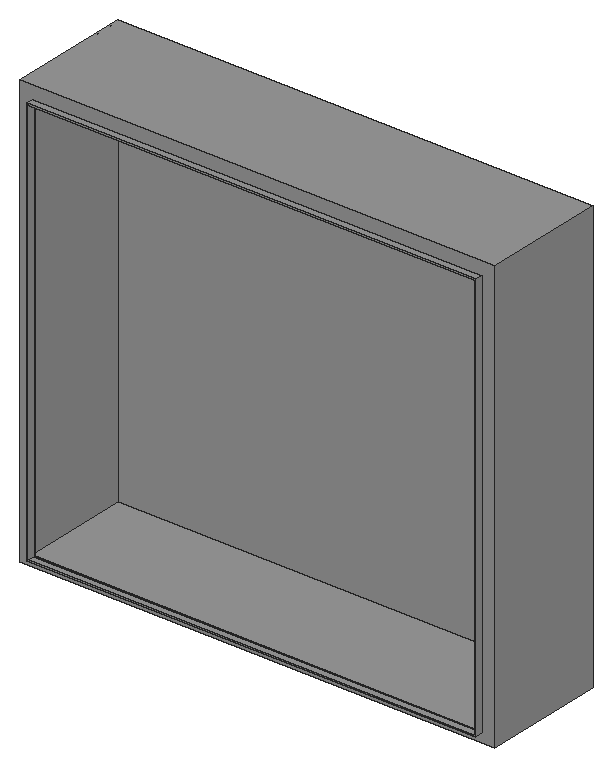
Revit family "Hager-Univers-IP30-D160-Cl.II-FWB-encl--NoHosted-AT-de", category Equipement électrique, Revit 2020
Family settings
  Configuration du panneau = Deux colonnes, circuits au sein
  Cote de connecteur circulaire = Utiliser le diamètre
  Type d'élément = Tableau de raccordement
  Basée sur le plan de construction = Oui
  Toujours verticalement = Oui
  Couper avec des vides une fois chargée = Non
  Partagée = Non
  Point de calcul de pièce = Non
Parameters (values of type "Aufputz IP30 B550 H500 T160  - FWQ32D1")
  Width Control [instance] = if([EF000008 - Breite] > Min Width, [EF000008 - Breite], Min Width)  # 550 mm
  Commentaires du type = [HG000003 - Bereich]  # "Univers"
  Thickness Door [instance] = if([EF009171 - Materialstärke Tür/Deckel] > 3 mm, 3 mm, [EF009171 - Materialstärke Tür/Deckel])  # 1 mm
  Seal Frame Offset [instance] = 17 mm  # constant formula
  Plinth Visibility [instance] = [HG000027 - Sockelhöhe] > 0 mm  # no
  Min Width [instance] = 100 mm  # constant formula
  Min Depth [instance] = (2 * [EF009170 - Materialstärke Gehäuse]) + 1 mm  # 3 mm
  Min Height [instance] = 100 mm  # constant formula
  Internal Frame Depth [instance] = (Door System Depth * 0.5)  # 9 mm
  Panel Name [instance] = ""  # (empty or 0)
  Model = ""
  HG000027 - Sockelhöhe = 0 mm
  HG000026 - Stehend auf dem Boden = no
  HG000024 - Höhe des unteren Teils = 600 mm
  HG000023 - Gehäuse mit doppeltem Querschnitt = no
  HG000016 - 3D-Türsichtbarkeit [instance] = yes
  HG000015 - Sichtbarkeit der Türöffnung [instance] = no
  HG000014 - Tür rechts [instance] = yes
  HG000013 - Tür links [instance] = not([HG000014 - Tür rechts])  # no
  HG000012 - Türschwenkwinkel [instance] = 30.00°
  HG000010 - Asymmetrische Türen = no
  HG000009 - Doppelflügeligen Tür = no
  HG000006 - Unterputz = no
  HG000004 - Herstellerreferenz = "FWQ32D1"
  HG000003 - Bereich = "Univers"
  HG000002 - Mit tür = no
  Frame Offset Bottom [instance] = 10 mm  # constant formula
  Frame Offset [instance] = 15 mm  # constant formula
  EF015940 - Deckel mit Überdruckentlastung = no
  EF011959 - Schutzart (NEMA) = ""
  EF009554 - Anzahl der Öffnungen für Flanschplatten = 4
  EF009212 - Ausführung Deckel = "EV009916 - mit Ausschnitt"
  EF009171 - Materialstärke Tür/Deckel = 1 mm
  EF009170 - Materialstärke Gehäuse = 1 mm
  EF008873 - Nennstrom (In) = 125 A
  EF007800 - Geeignet für Blitzschutz = no
  EF006306 - Mit Schloss = no
  EF006244 - Transparenter Deckel/Tür = no
  EF005474 - Schutzart (IP) = "EV006410 - IP30"
  EF004464 - Art der Tür = "EV002646 - Einzel"
  EF004427 - Anzahl der Module = 72
  EF004293 - Schlagfestigkeit = ""
  EF003532 - Geeignet für Außengebrauch = no
  EF002950 - Breite in Teilungseinheiten = 24
  EF001613 - Funktionserhalt = "EV000494 - ohne"
  EF001596 - Werkstoff des Gehäuses = "EV000179 - Stahl"
  EF001131 - Innentiefe = 160 mm
  EF001088 - Anbaumöglichkeit = yes
  EF000437 - Anzahl der Leitungseinführungen = 8
  EF000339 - Art der Abdeckung = "EV001012 - Deckel"
  EF000266 - Anzahl der Reihen = 6
  EF000218 - Einbautiefe = 0 mm
  EF000118 - Mit Montageplatte = yes
  EF000116 - RAL-Nummer = "9010"
  EF000049 - Tiefe = 160 mm
  EF000040 - Höhe = 500 mm
  EF000008 - Breite = 550 mm
  EF000007 - Farbe = "EV000202 - weiß"
  EF000003 - Montageart = "EV000384 - Aufputz"
  Door System Leaf Tolerance [instance] = 1.5 mm  # constant formula
  Door System Depth [instance] = 18 mm  # constant formula
  Door Height [instance] = Height Control - [HG000027 - Sockelhöhe]  # 500 mm
  Description = ""
  Default Elevation = 1219.2 mm
  Connector Offset [instance] = Height Control / 2  # 250 mm
  Fabricant = "Hager"  # constant formula
  Height Control [instance] = if([EF000040 - Höhe] > Min Height, [EF000040 - Höhe], Min Height)  # 500 mm
  Depth Control [instance] = if([EF000049 - Tiefe] > Min Depth, [EF000049 - Tiefe], Min Depth)  # 160 mm
  Bottom Top Plate Trim [instance] = 1.5 mm  # constant formula
  Plinth height Ctrl [instance] = if([HG000027 - Sockelhöhe] > 0 mm, [HG000027 - Sockelhöhe], 12 mm)  # 12 mm
Types (2, lengths in mm): name | Width Control | Thickness Door | Min Depth | HG000004 - Herstellerreferenz | EF009554 - Anzahl der Öffnungen für Flanschplatten | EF009171 - Materialstärke Tür/Deckel | EF009170 - Materialstärke Gehäuse | EF004427 - Anzahl der Module | EF002950 - Breite in Teilungseinheiten | EF000437 - Anzahl der Leitungseinführungen | EF000266 - Anzahl der Reihen | EF000008 - Breite
  Aufputz IP30 B300 H500 T160  - FWQ31D1 | 300 | 2 | 5 | "FWQ31D1" | 2 | 2 | 2 | 36 | 12 | 4 | 3 | 300
  Aufputz IP30 B550 H500 T160  - FWQ32D1 | 550 | 1 | 3 | "FWQ32D1" | 4 | 1 | 1 | 72 | 24 | 8 | 6 | 550
Reference planes
  plane 1 "Center (Front/Back)": y = 0
  plane 2: z = 0
  plane 3 "Center (Left/Right)": x = 0
  plane 4: y = 0
  plane 5: y = 0
  plane 6: z = 0
  plane 7: x = -275
  plane 8: x = 275
  plane 9: x = 274
  plane 10: x = -274
  plane 11: z = 0
  plane 12: z = 1
  plane 13: y = -160
  plane 14: y = -1
  plane 15: x = 0
  plane 16: y = -142
  plane 17: y = -159
  plane 18: y = -141
  plane 19: x = -259
  plane 20: x = 259
  plane 21: z = 11
  plane 22: x = -258
  plane 23: x = 258
  plane 24: z = 0
  plane 25: z = 500
  plane 26: z = 500
  plane 27: z = 484
  plane 28: z = 499
Forms (mm)
  Extrusion 1, solid, material "Hager_Steel_RAL7035_Light_Grey", detail levels medium+fine
    sketch origin (-208.679, -4572, 0) x (-1, 0, 0) y (0, -1, 0)
      loop
        line (66.321, -4430) -> (-483.679, -4430) -> (-483.679, -4572) -> (66.321, -4572) -> (66.321, -4430)
    from 0 to 500
  Extrusion 2, void
    sketch origin (-350.771, -160, 1219.2) x (1, 0, 0) y (0, 0, 1)
      loop
        line (76.771, -720.2) -> (76.771, -1218.2) -> (624.771, -1218.2) -> (624.771, -720.2) -> (76.771, -720.2)
    from -19 to -159
  Extrusion 3, void
    sketch origin (-290.084, -142, 1219.2) x (1, 0, 0) y (0, 0, 1)
      loop
        line (31.084, -1208.2) -> (549.084, -1208.2) -> (549.084, -735.2) -> (31.084, -735.2) -> (31.084, -1208.2)
    from 0 to -1
  Extrusion 4, solid, material "Hager_Steel_RAL7035_Light_Grey", visible <- "Plinth Visibility", detail levels medium+fine
    sketch origin (0, 0, 0) x (1, 0, 0) y (0, 1, 0)
      loop
        line (-275, 0) -> (-275, -142) -> (275, -142) -> (275, 0) -> (-275, 0)
    from 0 to 12 <- "Plinth height Ctrl"
  Extrusion 5, solid, material "Hager_Steel_RAL7035_Light_Grey", detail levels coarse
    sketch origin (0, 0, 0) x (1, 0, 0) y (0, 1, 0)
      loop
        line (-275, 0) -> (-275, -160) -> (275, -160) -> (275, 0) -> (-275, 0)
    from 0 to 500 <- "Height Control"
  Sweep 6, void
    path in 3D
      loop
        line (-275, -142, 12) -> (275, -142, 12) -> (275, 0, 12) -> (-275, 0, 12) -> (-275, -142, 12)
    profile origin (-275, -71, 12) x (1, 0, 0) y (0, 0, 1)
      loop
        line (0, 0) -> (0, -1.5) -> (1.5, -1.5)
        arc (1.5, -1.5) -> (1.061, -0.439) -> (0, 0) r 1.5
  Extrusion 7, solid, material "Hager_Steel_RAL7035_Light_Grey", detail levels fine
    sketch origin (-275, -142, 0) x (1, 0, 0) y (0, 0, 1)
      loop
        line (16, 11) -> (534, 11) -> (534, 484) -> (16, 484) -> (16, 11)
      loop
        line (15, 10) -> (535, 10) -> (535, 485) -> (15, 485) -> (15, 10)
    from 0 to 9 <- "Internal Frame Depth"
Cuts and joins
  Extrusion 2, Extrusion 3 cuts Extrusion 1
  Sweep 6 cuts Extrusion 4
Lines and regions (mm)
  Masking region 1
    outline origin (0, 0, 0) x (1, 0, 0) y (0, 1, 0)
      loop
        line (-275, 0) -> (-275, -160) -> (275, -160) -> (275, 0) -> (-275, 0)
  Masking region 2, detail levels coarse
    outline origin (-290.084, -142, 1219.2) x (-1, 0, 0) y (0, 0, 1)
      loop
        line (-565.084, -1219.2) -> (-15.084, -1219.2) -> (-15.084, -719.2) -> (-565.084, -719.2) -> (-565.084, -1219.2)
  Masking region 3, detail levels coarse
    outline origin (0, 0, 0) x (0, 1, 0) y (0, 0, 1)
      loop
        line (0, 0) -> (0, 500) -> (-160, 500) -> (-160, 0) -> (0, 0)
  Masking region 4, visible <- "Plinth Visibility", detail levels medium+fine
    outline origin (0, 0, 0) x (0, 1, 0) y (0, 0, 1)
      loop
        line (-1.5, 12) -> (-140.5, 12)
        arc (-140.5, 12) -> (-140.939, 10.939) -> (-142, 10.5) r 1.5
        line (-142, 10.5) -> (-142, 0) -> (0, 0) -> (0, 10.5)
        arc (0, 10.5) -> (-1.061, 10.939) -> (-1.5, 12) r 1.5
  Masking region 5, detail levels medium+fine
    outline origin (0, 0, 594.038) x (0, 1, 0) y (0, 0, 1)
      loop
        line (0, -594.038) -> (0, -94.038) -> (-142, -94.038) -> (-142, -594.038) -> (0, -594.038)
  Masking region 6, detail levels medium+fine
    outline origin (-359.7, -142, 1211.883) x (-1, 0, 0) y (0, 0, 1)
      loop
        line (-634.7, -1211.883) -> (-84.7, -1211.883) -> (-84.7, -711.883) -> (-634.7, -711.883) -> (-634.7, -1211.883)
  Masking region 7, visible <- "Plinth Visibility", detail levels medium+fine
    outline origin (-320.334, -142, 1041.368) x (-1, 0, 0) y (0, 0, 1)
      loop
        line (-595.334, -1041.368) -> (-45.334, -1041.368) -> (-45.334, -1030.868)
        arc (-45.334, -1030.868) -> (-46.394, -1030.429) -> (-46.834, -1029.368) r 1.5
        line (-46.834, -1029.368) -> (-593.834, -1029.368)
        arc (-593.834, -1029.368) -> (-594.273, -1030.429) -> (-595.334, -1030.868) r 1.5
        line (-595.334, -1030.868) -> (-595.334, -1041.368)
  sketch lines
    curve 1: line (-275, 0, 12) -> (-275, -142, 12)
    curve 2: line (-275, -142, 12) -> (275, -142, 12)
    curve 3: line (275, 0, 12) -> (-275, 0, 12)
    curve 4: line (275, -142, 12) -> (275, 0, 12)
Dimensions and locks
  locked: plane 1 "Center (Front/Back)" to plane 5
  "EF009170 - Materialstärke Gehäuse": plane 7 to plane 10
  "EF009170 - Materialstärke Gehäuse": plane 8 to plane 9
  equal spacing: plane 7, plane 3 "Center (Left/Right)", plane 8
  "Width Control": plane 7 to plane 8
  "Depth Control": plane 4 to plane 13
  "EF009170 - Materialstärke Gehäuse": plane 4 to plane 14
  "Height Control": plane 25 to level
  "HG000027 - Sockelhöhe": plane 11 to level
  "EF009170 - Materialstärke Gehäuse": plane 12 to plane 11
  "EF009170 - Materialstärke Gehäuse": plane 17 to plane 13
  "EF009170 - Materialstärke Gehäuse": plane 18 to plane 16
  "Frame Offset Bottom": plane 21 to plane 12
  "Frame Offset": plane 10 to plane 19
  "Frame Offset": plane 9 to plane 20
  "Door System Depth": plane 16 to plane 13
  "Seal Frame Offset": plane 7 to plane 22
  "Seal Frame Offset": plane 8 to plane 23
  "EF009170 - Materialstärke Gehäuse": plane 26 to plane 28
  "Frame Offset": plane 28 to plane 27
  "Connector Offset": plane 2 to connector elem
  "Bottom Top Plate Trim": profile plane to Sweep 6 sketch curve
  "Bottom Top Plate Trim": Sweep 6 sketch curve to Sweep 6 sketch curve
  "Plinth height Ctrl": Masking region 4 sketch curve to level
  "Plinth height Ctrl": Masking region 7 sketch curve to level
  "Thickness Door": Extrusion 7 sketch curve to Extrusion 7 sketch curve  (x4)
  "Bottom Top Plate Trim": radius of Sweep 6 sketch curve
  "Bottom Top Plate Trim": radius of Masking region 4 sketch curve  (x2)
  "Bottom Top Plate Trim": radius of Masking region 7 sketch curve  (x2)
  aligned and locked: Extrusion 2 sketch curve to plane 12
  aligned and locked: Extrusion 2 sketch curve to plane 9
  aligned and locked: Extrusion 2 sketch curve to plane 10
  aligned and locked: plane 14 to Extrusion 2
  aligned and locked: plane 4 to Extrusion 1 sketch curve
  aligned and locked: plane 8 to Extrusion 1 sketch curve
  aligned and locked: plane 7 to Extrusion 1 sketch curve
  aligned and locked: Extrusion 2 to plane 18
  aligned and locked: plane 19 to Extrusion 3 sketch curve
  aligned and locked: plane 20 to Extrusion 3 sketch curve
  aligned and locked: Extrusion 3 to Extrusion 2
  aligned and locked: Extrusion 3 sketch curve to plane 21
  aligned and locked: plane 3 "Center (Left/Right)" to nested 1
  aligned and locked: Extrusion 1 sketch curve to plane 16
  aligned and locked: Extrusion 4 sketch curve to cut or joined group of Extrusion 1, Extrusion 2, Extrusion 3
  aligned and locked: Masking region 1 sketch curve to plane 7
  aligned and locked: Masking region 1 sketch curve to plane 5
  aligned and locked: Masking region 1 sketch curve to plane 8
  aligned and locked: Masking region 2 sketch curve to level
  aligned and locked: level to Masking region 3 sketch curve
  aligned and locked: plane 1 "Center (Front/Back)" to Masking region 3 sketch curve
  aligned and locked: plane 13 to Masking region 3 sketch curve
  aligned and locked: plane 5 to Masking region 4 sketch curve
  aligned and locked: Masking region 2 sketch curve to plane 8
  aligned and locked: Masking region 2 sketch curve to plane 7
  aligned and locked: plane 7 to nested 2
  aligned and locked: nested 2 to plane 5
  aligned and locked: plane 5 to Masking region 5 sketch curve
  aligned and locked: plane 26 to Masking region 5 sketch curve
  aligned and locked: Extrusion 5 sketch curve to plane 8
  aligned and locked: Extrusion 5 sketch curve to plane 7
  aligned and locked: Extrusion 5 sketch curve to plane 5
  aligned and locked: Extrusion 3 sketch curve to plane 27
  aligned and locked: Extrusion 2 sketch curve to plane 28
  aligned and locked: Masking region 2 to plane 25
  aligned and locked: Extrusion 4 to plane 16
  aligned and locked: profile plane to Sweep 6 sketch curve
  aligned and locked: Masking region 5 sketch curve to plane 24
  aligned and locked: level to Masking region 4 sketch curve
  aligned and locked: Masking region 1 to plane 13
  aligned and locked: nested 1 to plane 16
  aligned and locked: Masking region 3 to plane 25
  aligned and locked: plane 16 to Masking region 4 sketch curve
  aligned and locked: Masking region 5 sketch curve to plane 16
  aligned and locked: plane 24 to plane 11
  aligned and locked: plane 26 to plane 25
  aligned and locked: plane 26 to cut or joined group of Extrusion 1, Extrusion 2, Extrusion 3
  aligned and locked: nested 1 to plane 24
  aligned and locked: Extrusion 1 to Extrusion 3
  aligned and locked: Masking region 6 sketch curve to plane 8
  aligned and locked: Masking region 6 sketch curve to plane 24
  aligned and locked: Masking region 6 sketch curve to plane 7
  aligned and locked: Masking region 6 sketch curve to plane 26
  aligned and locked: Masking region 7 sketch curve to plane 7
  aligned and locked: level to Masking region 7 sketch curve
  aligned and locked: Masking region 7 sketch curve to plane 8
  aligned and locked: Extrusion 7 sketch curve to cut or joined group of Extrusion 1, Extrusion 2, Extrusion 3  (x4)
Automatic sketch dimensions
  plane 19 to Extrusion 3 sketch curve = 0 mm
  Extrusion 3 sketch curve to plane 20 = 0 mm
  Extrusion 3 sketch curve to plane 21 = 0 mm
  Extrusion 4 sketch curve to plane 7 = 0 mm
  Extrusion 4 sketch curve to plane 8 = 0 mm
  Extrusion 4 sketch curve to plane 16 = 0 mm
  Masking region 1 sketch curve to plane 13 = 0 mm
  Masking region 2 sketch curve to plane 25 = 0 mm
  Masking region 3 sketch curve to plane 25 = 0 mm
  Extrusion 5 sketch curve to plane 13 = 0 mm
  profile plane to Sweep 6 sketch curve = 0 mm
Nested families
  nested 1: "EC000058_Univers_Door" at (0, -142, 0), Double <- "HG000009 - Doppelflügeligen Tür", Transparent <- "EF006244 - Transparenter Deckel/Tür", Angle <- "HG000012 - Türschwenkwinkel", Door_Right <- "HG000014 - Tür rechts", Assymetrical <- "HG000010 - Asymmetrische Türen", Door <- "HG000002 - Mit tür", Width_Ctrl <- "Width Control", 3d_Door <- "HG000016 - 3D-Türsichtbarkeit", Clearance <- "HG000015 - Sichtbarkeit der Türöffnung", Door_Left <- "HG000013 - Tür links", Width <- "Width Control", Door_Depth <- "Door System Depth", Leaf_Tolerance <- "Door System Leaf Tolerance", Height <- "Door Height", Lock_Visibility <- "EF006306 - Mit Schloss", Thickness <- "Thickness Door", type "EC000058_Univers_Door", detail levels medium+fine
    with min_wh 3 mm, Width_Ctrl 550 mm, Width 550 mm, Transparent no, Thickness 1 mm, Seal_Material Hager_Rubber, Lock_Visibility no, Lock_Material Hager_Plastic_RAL9005_Jet_Black, Leaf_Width 550 mm, Leaf_Tolerance_External_Sides 0 mm, Leaf_Tolerance 1.5 mm, Leaf_Offset 0 mm, Leaf_Height 497 mm, Leaf_2_Width 550 mm, Leaf_2_Offset 275 mm, Leaf_1_Width 550 mm, Leaf_1_Offset 275 mm, Height_Ctrl 500 mm, Height 500 mm, Glass_Material Hager_Glass, Double_Clearance_Ctrl no, Double no, Door_Right_Ctrl no, Door_Right yes, Door_Material Hager_Steel_RAL7035_Light_Grey, Door_Left_Ctrl no, Door_Left no, Door_Depth 18 mm, Door no, Clearance_Material Hager_Clearance, Clearance_Depth 550 mm, Clearance_Ctrl no, Clearance no, Assymetrical no, Angle 30.00°, 3d_Door yes
  nested 2: "Hager_Enclosure_Symbol" at (-275, 0, 0), Height <- "Depth Control", Width <- "Width Control", type "Hager_Enclosure_Symbol"
    with Width_Ctrl 550 mm, Width 550 mm, Height_Ctrl 160 mm, Height 160 mm, A_Width_Int 10.5 mm, A_Width 126 mm, A_Height_Ctrl 140 mm, A_Height 140 mm
Connectors
  electrical at (0, 0, 250)
    settings: on plane 1 "Center (Front/Back)", index 1, voltage 0 V, apparent load 0 VA, apparent load phase1 0 VA, apparent load phase2 0 VA, apparent load phase3 0 VA, power factor 1, load classification "Other", number of poles 1, system type 30, power factor state 1, is connector primary yes, connector utility no, sub classification motor no, connector description ""
Definition of nested family "EC000058_Univers_Door"
  Parameters (values of type "EC000058_Univers_Door")
    min_wh [instance] = (2 * Thickness) + 1 mm  # 11 mm
    Width_Ctrl [instance] = 400 mm
    Width [instance] = 500 mm
    Transparent [instance] = yes
    Thickness [instance] = 5 mm
    Seal_Material [instance] = none
    Lock_Visibility [instance] = yes
    Lock_Material [instance] = none
    Leaf_Width [instance] = if((Width_Ctrl - 2 * Leaf_Tolerance_External_Sides) > 0 mm, (Width_Ctrl - 2 * Leaf_Tolerance_External_Sides), min_wh)  # 400 mm
    Leaf_Tolerance_External_Sides [instance] = 0 mm  # constant formula
    Leaf_Tolerance [instance] = 1.5 mm
    Leaf_Offset [instance] = 0 mm  # constant formula
    Leaf_Height [instance] = if((Height_Ctrl - 2 * Leaf_Tolerance) > 0 mm, (Height_Ctrl - 2 * Leaf_Tolerance), min_wh)  # 497 mm
    Leaf_2_Width [instance] = if(and(and(Double, Assymetrical), Door_Left), (Leaf_Width / 3) - (Leaf_Tolerance / 2), if(and(and(Double, Assymetrical), Door_Right), (Leaf_Width / 3) * 2 - (Leaf_Tolerance / 2), if(and(Double, not(Assymetrical)), (Leaf_Width / 2) - Leaf_Tolerance, Leaf_Width)))  # 400 mm
    Leaf_2_Offset [instance] = if(and(Double, Assymetrical), Leaf_2_Width / 2, if(and(Double, not(Assymetrical)), Leaf_Width / 4, Leaf_Width / 2))  # 200 mm
    Leaf_1_Width [instance] = if(and(and(Double, Assymetrical), Door_Right), (Leaf_Width / 3) - (Leaf_Tolerance / 2), if(and(and(Double, Assymetrical), Door_Left), (Width / 3) * 2 - (Leaf_Tolerance / 2), if(and(Double, not(Assymetrical)), (Leaf_Width / 2) - Leaf_Tolerance, Leaf_Width)))  # 400 mm
    Leaf_1_Offset [instance] = if(and(Double, Assymetrical), Leaf_1_Width / 2, if(and(Double, not(Assymetrical)), Leaf_Width / 4, Leaf_Width / 2))  # 200 mm
    Height_Ctrl [instance] = if(Height > min_wh, Height, min_wh)  # 500 mm
    Height [instance] = 500 mm
    Glass_Material [instance] = none
    Double_Clearance_Ctrl [instance] = and(Double, Clearance)  # no
    Double [instance] = no
    Door_Right_Ctrl [instance] = and(or(Door_Right, Double), Door)  # yes
    Door_Right [instance] = yes
    Door_Material [instance] = none
    Door_Left_Ctrl [instance] = and(or(Door_Left, Double), Door)  # no
    Door_Left [instance] = no
    Door_Depth [instance] = 30 mm
    Door [instance] = yes
    Default Elevation = 1219.2 mm
    Clearance_Material [instance] = none
    Clearance_Depth [instance] = if(Leaf_1_Width > Leaf_2_Width, Leaf_1_Width, Leaf_2_Width)  # 400 mm
    Clearance_Ctrl [instance] = and(not(Double), Clearance)  # yes
    Clearance [instance] = yes
    Assymetrical [instance] = yes
    Angle [instance] = 30.00°
    3d_Door [instance] = yes
  Reference planes
    plane 1 "Center (Front/Back)": y = 0
    plane 2 "Bottom": z = 0
    plane 3 "Center (Left/Right)": x = 0
    plane 4: z = 500
    plane 5: x = -200
    plane 6: x = 200
    plane 7: z = 500
    plane 8: x = -200
    plane 9: z = 0
    plane 10: x = 200
    plane 11: y = 0
    plane 12: z = 1.5
    plane 13: x = -600
    plane 14: y = -400
    plane 15: x = 600
    plane 16: x = 0
    plane 17: x = 0
    plane 18: x = -200
    plane 19: x = 200
    plane 20: z = 498.5
  Forms (mm)
    Extrusion 1, solid, material <- "Clearance_Material", visible <- "Double_Clearance_Ctrl"
      sketch origin (1200, 0, 0) x (1, 0, 0) y (0, 0, -1)
        loop
          line (-1800, -498.5) -> (-600, -498.5) -> (-600, 0) -> (-1800, 0) -> (-1800, -498.5)
      from 0 to -400
  Dimensions and locks
    equal spacing: plane 5, plane 3 "Center (Left/Right)", plane 6
    "Width_Ctrl": plane 5 to plane 6
    "Leaf_Offset": plane 5 to plane 8
    "Leaf_Offset": plane 6 to plane 10
    "Leaf_Offset": plane 9 to level
    "Leaf_Offset": plane 4 to plane 7
    "Height_Ctrl": plane 4 to level
    "Leaf_Tolerance": plane 12 to plane 9
    locked: plane 11 to plane 1 "Center (Front/Back)"
    "Leaf_1_Offset": plane 18 to plane 16
    "Leaf_2_Offset": plane 17 to plane 19
    "Leaf_1_Width": plane 13 to plane 8
    "Leaf_2_Width": plane 10 to plane 15
    "Clearance_Depth": plane 14 to plane 1 "Center (Front/Back)"
    "Leaf_Tolerance_External_Sides": plane 8 to plane 18
    "Leaf_Tolerance_External_Sides": plane 19 to plane 10
    "Leaf_Tolerance": plane 7 to plane 20
    aligned and locked: level to plane 2 "Bottom"
    aligned and locked: nested 1 to plane 16
    aligned and locked: nested 2 to plane 17
    aligned and locked: Extrusion 1 to plane 13
    aligned and locked: plane 15 to Extrusion 1
    aligned and locked: Extrusion 1 to plane 14
    aligned and locked: plane 12 to nested 1
    aligned and locked: nested 2 to plane 12
    aligned and locked: Extrusion 1 to plane 11
    aligned and locked: plane 20 to Extrusion 1
    aligned and locked: nested 2 to plane 11
    aligned and locked: nested 1 to plane 11
  Automatic sketch dimensions
    Extrusion 1 sketch curve to level = 0 mm
    plane 5 to Extrusion 1 sketch curve = 400 mm
    plane 6 to Extrusion 1 sketch curve = 400 mm
    Extrusion 1 sketch curve to plane 4 = 1.5 mm
  Nested families
    nested 1: "EC000058_Univers_Door_Leaf" at (0, 0, 1.5), Width <- "Leaf_1_Width", visible <- "Door_Left_Ctrl", Leaf_Height <- "Leaf_Height", Angle <- "Angle", 3d_Door <- "3d_Door", Transparent <- "Transparent", Clearance Material <- "Clearance_Material", Clearance <- "Clearance_Ctrl", Door_Material <- "Door_Material", Glass_Material <- "Glass_Material", Door_Depth <- "Door_Depth", Lock_Material <- "Lock_Material", Seal_Material <- "Seal_Material", Lock_Visibility <- "Lock_Visibility", Thickness <- "Thickness", type "EC000058_Univers_Door_Leaf"
      with Width 400 mm, Transparent_Glass_Offset 30 mm, Transparent_Ctrl yes, Transparent yes, Thickness 5 mm, Standard no, Seal_Material none, Seal_D2 8 mm, Seal_D1 1 mm, Offset_Internal_Frame 10 mm, Lock_Width 20 mm, Lock_Visibility_3d yes, Lock_Visibility yes, Lock_Thickness_3 3 mm, Lock_Thickness_2 1 mm, Lock_Thickness_1 3 mm, Lock_Radius_Offset_2 16 mm, Lock_Radius_Offset_1 15 mm, Lock_Radius_2 5 mm, Lock_Radius 6 mm, Lock_Offset 5 mm, Lock_Material none, Lock_Height 80 mm, Lock_Cover_Top_Offset_2d 17 mm, Lock_Cover_Height -65 mm, Leaf_Height 497 mm, Internal_Seal_Thickness 8 mm, Internal_Seal_Depth_2 4.5 mm, Internal_Frame_Depth 25 mm, Glass_Thickness -1 mm, Glass_Offset -2 mm, Glass_Material none, Door_Material none, Door_Depth 30 mm, Clearance Material none, Clearance yes, Angle_Ctrl 30.00°, Angle 30.00°, 3d_Door yes
    nested 2: "EC000058_Univers_Door_Leaf" at (0, 0, 1.5) x (-1, 0, 0) z (0, 0, 1), Width <- "Leaf_2_Width", visible <- "Door_Right_Ctrl", Leaf_Height <- "Leaf_Height", Angle <- "Angle", 3d_Door <- "3d_Door", Transparent <- "Transparent", Clearance Material <- "Clearance_Material", Clearance <- "Clearance_Ctrl", Door_Material <- "Door_Material", Glass_Material <- "Glass_Material", Door_Depth <- "Door_Depth", Lock_Material <- "Lock_Material", Seal_Material <- "Seal_Material", Lock_Visibility <- "Lock_Visibility", Thickness <- "Thickness", type "EC000058_Univers_Door_Leaf"
      with Width 400 mm, Transparent_Glass_Offset 30 mm, Transparent_Ctrl yes, Transparent yes, Thickness 5 mm, Standard no, Seal_Material none, Seal_D2 8 mm, Seal_D1 1 mm, Offset_Internal_Frame 10 mm, Lock_Width 20 mm, Lock_Visibility_3d yes, Lock_Visibility yes, Lock_Thickness_3 3 mm, Lock_Thickness_2 1 mm, Lock_Thickness_1 3 mm, Lock_Radius_Offset_2 16 mm, Lock_Radius_Offset_1 15 mm, Lock_Radius_2 5 mm, Lock_Radius 6 mm, Lock_Offset 5 mm, Lock_Material none, Lock_Height 80 mm, Lock_Cover_Top_Offset_2d 17 mm, Lock_Cover_Height -65 mm, Leaf_Height 497 mm, Internal_Seal_Thickness 8 mm, Internal_Seal_Depth_2 4.5 mm, Internal_Frame_Depth 25 mm, Glass_Thickness -1 mm, Glass_Offset -2 mm, Glass_Material none, Door_Material none, Door_Depth 30 mm, Clearance Material none, Clearance yes, Angle_Ctrl 30.00°, Angle 30.00°, 3d_Door yes
  Definition of nested family "EC000058_Univers_Door_Leaf"
    Parameters (values of type "EC000058_Univers_Door_Leaf")
      Width [instance] = 2000 mm
      Transparent_Glass_Offset [instance] = 30 mm
      Transparent_Ctrl [instance] = and(Transparent, [3d_Door])  # yes
      Transparent [instance] = yes
      Thickness [instance] = 5 mm
      Standard [instance] = and(not(Transparent), [3d_Door])  # no
      Seal_Material [instance] = none
      Seal_D2 [instance] = 8 mm  # constant formula
      Seal_D1 [instance] = 1 mm  # constant formula
      Offset_Internal_Frame [instance] = 10 mm  # constant formula
      Lock_Width [instance] = 20 mm  # constant formula
      Lock_Visibility_3d [instance] = and(Lock_Visibility, [3d_Door])  # yes
      Lock_Visibility [instance] = yes
      Lock_Thickness_3 [instance] = 3 mm  # constant formula
      Lock_Thickness_2 [instance] = 1 mm  # constant formula
      Lock_Thickness_1 [instance] = 3 mm  # constant formula
      Lock_Radius_Offset_2 [instance] = Lock_Radius_Offset_1 + 1 mm  # 16 mm
      Lock_Radius_Offset_1 [instance] = 15 mm  # constant formula
      Lock_Radius_2 [instance] = Lock_Radius - 1 mm  # 5 mm
      Lock_Radius [instance] = 6 mm  # constant formula
      Lock_Offset [instance] = 5 mm  # constant formula
      Lock_Material [instance] = none
      Lock_Height [instance] = 80 mm  # constant formula
      Lock_Cover_Top_Offset_2d [instance] = Lock_Radius_Offset_2 + 1 mm  # 17 mm
      Lock_Cover_Height [instance] = -(Lock_Height - Lock_Radius_Offset_1)  # -65 mm
      Leaf_Height [instance] = 2720.336 mm
      Internal_Seal_Thickness [instance] = 8 mm  # constant formula
      Internal_Seal_Depth_2 [instance] = 4.5 mm  # constant formula
      Internal_Frame_Depth [instance] = if(Door_Depth - Thickness > 5 mm, Door_Depth - Thickness, 5 mm)  # 25 mm
      Glass_Thickness [instance] = if(Thickness > 15 mm, Glass_Offset + 10 mm, -1 mm)  # -1 mm
      Glass_Offset [instance] = if(Thickness > 15 mm, -(Thickness + 10 mm) / 2, -2 mm)  # -2 mm
      Glass_Material [instance] = none
      Door_Material [instance] = none
      Door_Depth [instance] = 30 mm
      Default Elevation = 0 mm
      Clearance Material [instance] = none
      Clearance [instance] = yes
      Angle_Ctrl [instance] = if(Angle > 180.00°, 180.00°, Angle)  # 90.00°
      Angle [instance] = 90.00°
      3d_Door [instance] = yes
    Reference planes
      plane 1 "Center (Front/Back)": y = 0
      plane 2: z = 0
      plane 3 "Center (Left/Right)": x = 0
      plane 4: y = 2000
      plane 5: x = -1000
      plane 6: x = 1000
      plane 7: x = -3000
      plane 8: z = 2720.336
      plane 9: z = 30
      plane 10: z = 2690.336
      plane 11: x = 970
      plane 12: x = -970
      plane 13: y = -3
      plane 14: z = 107.833
      plane 15: y = -5
      plane 16: y = -223.314
      plane 17: x = -1000
      plane 18: z = 1360.168
      plane 19: y = 30
    Forms (mm)
      Extrusion 1, solid, material <- "Clearance Material", visible <- "Clearance"
        sketch origin (0, 0, 0) x (1, 0, 0) y (0, 0, 1)
          loop
            line (-3000, 2720.336) -> (-3000, 0) -> (1000, 0) -> (1000, 2720.336) -> (-3000, 2720.336)
        from 0 to -2000
      Extrusion 2, solid, material <- "Door_Material", visible <- "Standard", detail levels medium+fine
        sketch origin (-1000, 0, 0) x (0, 1, 0) y (-1, 0, 0)
          loop
            line (0, 30) -> (0, 25) -> (2000, 25) -> (2000, 30) -> (0, 30)
        from 0 to 2720.336 <- "Leaf_Height"
      Extrusion 3, solid, material <- "Door_Material", visible <- "Transparent_Ctrl", detail levels medium+fine
        sketch origin (-1000, 0, 0) x (0, 1, 0) y (-1, 0, 0)
          loop
            line (0, 25) -> (2000, 25) -> (2000, 30) -> (0, 30) -> (0, 25)
        from 0 to 2720.336 <- "Leaf_Height"
      Extrusion 4, void
        sketch origin (-1025, 2000, 0) x (0, 1, 0) y (0, 0, -1)
          loop
            line (-30, -2690.336) -> (-30, -30) -> (-1970, -30) -> (-1970, -2690.336) -> (-30, -2690.336)
        from 0 to 5 <- "Thickness"
      Sweep 5, solid, material <- "Seal_Material", visible <- "Transparent_Ctrl", detail levels fine
        path in 3D
          loop
            line (-1025, 30, 30) -> (-1025, 30, 2690.336) -> (-1025, 1970, 2690.336) -> (-1025, 1970, 30) -> (-1025, 30, 30)
        profile origin (-1025, 1000, 30) x (1, 0, 0) y (0, 0, 1)
          loop
            line (0, 0) -> (0, -8) -> (1, -8) -> (1, 0) -> (0, 0)
      Extrusion 6, solid, material <- "Glass_Material", visible <- "Transparent_Ctrl", detail levels medium+fine
        sketch origin (-1030, 0, 0) x (0, 1, 0) y (0, 0, -1)
          loop
            line (1970, -2690.336) -> (1970, -30) -> (30, -30) -> (30, -2690.336) -> (1970, -2690.336)
        from -2 <- "Glass_Offset" to -1 <- "Glass_Thickness"
      Extrusion 7, solid, material <- "Door_Material", visible <- "3d_Door", detail levels medium+fine
        sketch origin (-1025, 2000, 0) x (0, -1, 0) y (0, 0, -1)
          loop
            line (0, -2720.336) -> (2000, -2720.336) -> (2000, 0) -> (0, 0) -> (0, -2720.336)
          loop
            line (1995, -5) -> (5, -5) -> (5, -2715.336) -> (1995, -2715.336) -> (1995, -5)
        from 0 to 25 <- "Internal_Frame_Depth"
      Sweep 8, solid, material <- "Seal_Material", visible <- "Transparent_Ctrl", detail levels fine
        path in 3D
          loop
            line (-1025, 0, 0) -> (-1025, 2000, 0) -> (-1025, 2000, 2720.336) -> (-1025, 0, 2720.336) -> (-1025, 0, 0)
        profile origin (-1025, 0, 1360.168) x (1, 0, 0) y (0, 1, 0)
          loop
            line (0, 10) -> (2.975, 10)
            arc (2.975, 10) -> (4.053, 10.447) -> (4.5, 11.525) r 1.525
            line (4.5, 11.525) -> (4.5, 16.527)
            arc (4.5, 16.527) -> (4.069, 17.569) -> (3.027, 18) r 1.473
            line (3.027, 18) -> (0, 18) -> (0, 10)
      Extrusion 9, solid, material <- "Lock_Material", visible <- "Lock_Visibility_3d", detail levels fine
        sketch origin (-1030, 0, 0) x (0, 1, 0) y (0, 0, -1)
          loop
            arc (1993.5, -1400.168) -> (1994.561, -1399.729) -> (1995, -1398.668) r 1.5
            line (1995, -1398.668) -> (1995, -1320.168) -> (1975, -1320.168) -> (1975, -1398.668)
            arc (1975, -1398.668) -> (1975.439, -1399.729) -> (1976.5, -1400.168) r 1.5
            line (1976.5, -1400.168) -> (1993.5, -1400.168)
        from 3 <- "Lock_Thickness_1" to 0
      Blend 10, solid, material <- "Lock_Material", visible <- "Lock_Visibility_3d", detail levels fine
        base sketch origin (-1033, 0, 0) x (0, 1, 0) y (0, 0, -1)
          loop
            line (1975, -1320.168) -> (1975, -1398.668)
            arc (1975, -1398.668) -> (1975.439, -1399.729) -> (1976.5, -1400.168) r 1.5
            line (1976.5, -1400.168) -> (1993.5, -1400.168)
            arc (1993.5, -1400.168) -> (1994.561, -1399.729) -> (1995, -1398.668) r 1.5
            line (1995, -1398.668) -> (1995, -1320.168) -> (1975, -1320.168)
        top sketch origin (-1033, 0, 0) x (0, 1, 0) y (0, 0, -1)
          loop
            line (1976, -1320.168) -> (1976, -1398.668)
            arc (1976, -1398.668) -> (1976.146, -1399.022) -> (1976.5, -1399.168) r 0.5
            line (1976.5, -1399.168) -> (1993.5, -1399.168)
            arc (1993.5, -1399.168) -> (1993.854, -1399.022) -> (1994, -1398.668) r 0.5
            line (1994, -1398.668) -> (1994, -1320.168) -> (1976, -1320.168)
        from 0 to 1 <- "Lock_Thickness_2"
      Blend 11, solid, material <- "Lock_Material", visible <- "Lock_Visibility_3d", detail levels fine
        base sketch origin (-1034, 0, 0) x (0, 1, 0) y (0, 0, -1)
          loop
            line (1978, -1320.168) -> (1978, -1384.168)
            arc (1978, -1384.168) -> (1985, -1391.168) -> (1992, -1384.168) r 7
            line (1992, -1384.168) -> (1992, -1320.168) -> (1978, -1320.168)
        top sketch origin (-1034, 0, 0) x (0, 1, 0) y (0, 0, -1)
          loop
            line (1991, -1320.168) -> (1979, -1320.168) -> (1979, -1383.168)
            arc (1979, -1383.168) -> (1985, -1389.168) -> (1991, -1383.168) r 6
            line (1991, -1383.168) -> (1991, -1320.168)
        from 0 to 3 <- "Lock_Thickness_3"
      Extrusion 12, solid, material <- "Lock_Material", visible <- "Lock_Visibility_3d", detail levels fine
        sketch origin (-1030, 1975, 1320.168) x (1, 0, 0) y (0, -1, 0)
          loop
            line (-7, -19) -> (-7, -1) -> (0, -1) -> (0, 0) -> (-8, 0) -> (-8, -20) -> (0, -20) -> (0, -19) -> (-7, -19)
        from 0 to -65 <- "Lock_Cover_Height"
      Extrusion 13, void
        sketch origin (-1038, 1995, 1320.168) x (-1, 0, 0) y (0, 0, -1)
          loop
            line (-5, -65) -> (0, -65) -> (-5, -60) -> (-5, -65)
        from 0 to 20 <- "Lock_Width"
      Extrusion 14, void
        sketch origin (-1038, 1975, 1320.168) x (0, -1, 0) y (0, 0, -1)
          loop
            circle (-10, -15.995) r 6
          loop
            circle (-10, -15.995) r 5
        from 0 to 2
      Extrusion 15, solid, material <- "Lock_Material", visible <- "Lock_Visibility_3d", detail levels medium
        sketch origin (-1030, 0, 0) x (0, 1, 0) y (0, 0, -1)
          loop
            arc (1993.5, -1400.168) -> (1994.561, -1399.729) -> (1995, -1398.668) r 1.5
            line (1995, -1398.668) -> (1995, -1320.168) -> (1975, -1320.168) -> (1975, -1398.668)
            arc (1975, -1398.668) -> (1975.439, -1399.729) -> (1976.5, -1400.168) r 1.5
            line (1976.5, -1400.168) -> (1993.5, -1400.168)
        from 8 to 0
    Cuts and joins
      Extrusion 4 cuts Extrusion 3
      Extrusion 13, Extrusion 14 cuts Extrusion 9
      Extrusion 14 cuts Blend 11
      Extrusion 13, Extrusion 14 cuts Extrusion 12
      joined: Extrusion 9, Blend 10, Blend 11, Extrusion 12
      Extrusion 14 cuts Extrusion 15
    Lines and regions (mm)
      Masking region 1, visible <- "Lock_Visibility", detail levels fine
        outline origin (0, 0, 0) x (0, 1, 0) y (0, 0, 1)
          loop
            line (30, 1320.168) -> (33, 1320.168) -> (33, 1400.168) -> (30, 1400.168) -> (30, 1320.168)
      Masking region 2, visible <- "Lock_Visibility", detail levels fine
        outline origin (0, 3.143, 0) x (0, 1, 0) y (0, 0, 1)
          loop
            line (29.857, 1354.168) -> (30.857, 1354.168) -> (30.857, 1366.168) -> (29.857, 1366.168) -> (29.857, 1354.168)
      Masking region 3, detail levels medium+fine
        outline origin (0, 0, 0) x (0, 1, 0) y (0, 0, 1)
          loop
            line (0, 0) -> (30, 0) -> (30, 2720.336) -> (0, 2720.336) -> (0, 0)
      Masking region 4, detail levels medium+fine
        outline origin (0, 0, 0) x (1, 0, 0) y (0, 0, 1)
          loop
            line (-1000, 2720.336) -> (-1000, 0) -> (1000, 0) -> (1000, 2720.336) -> (-1000, 2720.336)
      Masking region 5, visible <- "Lock_Visibility", detail levels fine
        outline origin (-47.116, 0, 0) x (1, 0, 0) y (0, 0, 1)
          loop
            arc (1024.616, 1399.168) -> (1023.556, 1398.729) -> (1023.116, 1397.668) r 1.5
            line (1023.116, 1397.668) -> (1023.116, 1320.168) -> (1041.116, 1320.168) -> (1041.116, 1397.668)
            arc (1041.116, 1397.668) -> (1040.677, 1398.729) -> (1039.616, 1399.168) r 1.5
            line (1039.616, 1399.168) -> (1024.616, 1399.168)
      Masking region 6, visible <- "Lock_Visibility", detail levels medium+fine
        outline origin (-25, 0, 0) x (1, 0, 0) y (0, 0, 1)
          loop
            arc (1001.5, 1400.168) -> (1000.439, 1399.729) -> (1000, 1398.668) r 1.5
            line (1000, 1398.668) -> (1000, 1320.168) -> (1020, 1320.168) -> (1020, 1398.668)
            arc (1020, 1398.668) -> (1019.561, 1399.729) -> (1018.5, 1400.168) r 1.5
            line (1018.5, 1400.168) -> (1001.5, 1400.168)
      Masking region 7, visible <- "Lock_Visibility", detail levels fine
        outline origin (-73.735, 0, 0) x (1, 0, 0) y (0, 0, 1)
          loop
            line (1051.735, 1382.168) -> (1065.735, 1382.168) -> (1065.735, 1384.168)
            arc (1065.735, 1384.168) -> (1058.735, 1391.168) -> (1051.735, 1384.168) r 7
            line (1051.735, 1384.168) -> (1051.735, 1382.168)
      Masking region 8, visible <- "Lock_Visibility", detail levels fine
        outline origin (-73.735, 0, 0) x (1, 0, 0) y (0, 0, 1)
          loop
            line (1052.735, 1382.168) -> (1064.735, 1382.168) -> (1064.735, 1383.168)
            arc (1064.735, 1383.168) -> (1058.735, 1389.168) -> (1052.735, 1383.168) r 6
            line (1052.735, 1383.168) -> (1052.735, 1382.168)
      Masking region 9, visible <- "Lock_Visibility", detail levels fine
        outline origin (-25, 0, 0) x (1, 0, 0) y (0, 0, 1)
          loop
            line (1020, 1320.168) -> (1020, 1382.168) -> (1000, 1382.168) -> (1000, 1320.168) -> (1020, 1320.168)
      Masking region 10, detail levels medium+fine
        outline origin (0, 0, 0) x (1, 0, 0) y (0, 0, 1)
          loop
            circle (985, 1335.144) r 6
      Masking region 11, detail levels fine
        outline origin (0, 0, 0) x (1, 0, 0) y (0, 0, 1)
          loop
            circle (985, 1335.144) r 5
      Masking region 12, visible <- "Lock_Visibility", detail levels fine
        outline origin (0, 12.767, 0) x (0, 1, 0) y (0, 0, 1)
          loop
            line (20.233, 1320.168) -> (21.233, 1320.168) -> (21.233, 1399.168) -> (20.233, 1400.168) -> (20.233, 1320.168)
      Masking region 13, visible <- "Lock_Visibility", detail levels fine
        outline origin (0, 13.767, -10) x (0, 1, 0) y (0, 0, 1)
          loop
            line (20.233, 1330.168) -> (23.233, 1330.168) -> (23.233, 1399.168) -> (20.233, 1402.168) -> (20.233, 1330.168)
      Masking region 14, visible <- "Lock_Visibility", detail levels fine
        outline origin (0, 12.767, -10) x (0, 1, 0) y (0, 0, 1)
          loop
            line (20.233, 1330.168) -> (25.233, 1330.168) -> (25.233, 1399.305) -> (20.233, 1394.305) -> (20.233, 1330.168)
      Masking region 15, visible <- "Lock_Visibility", detail levels medium
        outline origin (0, 0, 0) x (0, 1, 0) y (0, 0, 1)
          loop
            line (30, 1320.168) -> (38, 1320.168) -> (38, 1400.168) -> (30, 1400.168) -> (30, 1320.168)
      Masking region 16, visible <- "Lock_Visibility", detail levels fine
        outline origin (-1000, 0, 0) x (0, 1, 0) y (-1, 0, 0)
          loop
            line (1975, 30) -> (1995, 30) -> (1995, 38) -> (1975, 38) -> (1975, 30)
          loop
            line (1979, 37) -> (1976, 37) -> (1976, 34) -> (1978, 34) -> (1979, 37)
          loop
            line (1994, 37) -> (1991, 37) -> (1992, 34) -> (1994, 34) -> (1994, 37)
      Masking region 17, visible <- "Lock_Visibility", detail levels medium
        outline origin (-1000, 0, 0) x (0, 1, 0) y (-1, 0, 0)
          loop
            line (1975, 30) -> (1995, 30) -> (1995, 38) -> (1975, 38) -> (1975, 30)
      symbolic lines
        curve 1: line (1000, 0, 0) -> (-3000, 0, 0)
        curve 2: arc (1000, 0, 0) -> (-1000, 2000, 0) -> (-3000, 0, 0) r 2000
        curve 4: line (-1030, 0, 0) -> (-1030, 2000, 0)
      reference lines
        curve 3: line (-1000, 0, 0) -> (-1000, 2000, 0)
      symbolic lines, detail levels medium+fine
        curve 5: line (-1030, 2000, 0) -> (-1025, 2000, 0)
        curve 7: line (-1025, 0, 0) -> (-1030, 0, 0)
        curve 8: line (-1025, 0, 0) -> (-1000, 0, 0)
        curve 9: line (-1000, 0, 0) -> (-1000, 2000, 0)
        curve 10: line (-1000, 2000, 0) -> (-1025, 2000, 0)
      symbolic lines, detail levels fine
        curve 6: line (-1025, 2000, 0) -> (-1025, 0, 0)
      sketch lines
        curve 11: line (-1025, 0, 2720.336) -> (-1025, 0, 0)
        curve 12: line (-1025, 2000, 0) -> (-1025, 0, 0)
        curve 13: line (-1025, 2000, 2720.336) -> (-1025, 2000, 0)
        curve 14: line (-1025, 0, 2720.336) -> (-1025, 2000, 2720.336)
        curve 15: line (-1025, 1970, 30) -> (-1025, 30, 30)
        curve 16: line (-1025, 30, 30) -> (-1025, 30, 2690.336)
        curve 17: line (-1025, 1970, 2690.336) -> (-1025, 1970, 30)
        curve 18: line (-1025, 30, 2690.336) -> (-1025, 1970, 2690.336)
      symbolic lines, visible <- "Transparent", detail levels medium+fine
        curve 19: line (-970, 0, 2690.336) -> (970, 0, 2690.336)
        curve 20: line (-970, 0, 30) -> (-970, 0, 2690.336)
        curve 21: line (970, 0, 30) -> (-970, 0, 30)
        curve 22: line (970, 0, 2690.336) -> (970, 0, 30)
    Dimensions and locks
      "Width": plane 1 "Center (Front/Back)" to plane 4
      equal spacing: plane 5, plane 3 "Center (Left/Right)", plane 6
      "Width": plane 5 to plane 6
      "Width": plane 7 to plane 5
      "Leaf_Height": plane 8 to level
      "Width": curve 5 to curve 3
      "Width": curve 3 to curve 3
      plane 8 to plane 10 = 30 mm
      plane 9 to level = 30 mm
      plane 12 to plane 5 = 30 mm
      plane 6 to plane 11 = 30 mm
      Extrusion 1 to Extrusion 4 sketch curve = 30 mm
      "Transparent_Glass_Offset": curve 3 to Extrusion 4 sketch curve
      "Transparent_Glass_Offset": Extrusion 4 sketch curve to cut or joined group of Extrusion 3, Extrusion 4  (x2)
      cut or joined group of Extrusion 3, Extrusion 4 to Extrusion 6 sketch curve = 30 mm
      "Transparent_Glass_Offset": cut or joined group of Extrusion 3, Extrusion 4 to Extrusion 4 sketch curve
      "Thickness": curve 6 to curve 4
      "Thickness": Extrusion 7 sketch curve to Extrusion 7 sketch curve  (x4)
      "Door_Depth": curve 4 to curve 3
      "Offset_Internal_Frame": profile plane to Sweep 8 sketch curve
      "Internal_Seal_Thickness": Sweep 8 sketch curve to Sweep 8 sketch curve
      "Internal_Seal_Depth_2": profile plane to Sweep 8 sketch curve
      "Seal_D1": profile plane to Sweep 5 sketch curve
      "Seal_D2": profile plane to Sweep 5 sketch curve
      "Thickness": Extrusion 2 sketch curve to Extrusion 2 sketch curve
      equal spacing: Extrusion 9 sketch curve, plane 18, Extrusion 9 sketch curve  (x2)
      equal spacing: Masking region 1 sketch curve, plane 18, Masking region 1 sketch curve
      "Lock_Height": Masking region 1 sketch curve to Masking region 1 sketch curve
      "Lock_Radius": Masking region 2 sketch curve to plane 18 to Masking region 2 sketch curve
      Masking region 2 sketch curve to Masking region 1 = 1 mm
      "Door_Depth": plane 19 to plane 1 "Center (Front/Back)"
      "Lock_Thickness_1": Masking region 1 sketch curve to plane 19
      "Lock_Width": Extrusion 9 sketch curve to Extrusion 9 sketch curve
      "Lock_Height": Extrusion 9 sketch curve to Extrusion 9 sketch curve
      "Lock_Offset": cut or joined group of Extrusion 3, Extrusion 4 to Extrusion 9 sketch curve
      equal spacing: plane 8, plane 18, level
      "Lock_Radius_Offset_1": Blend 11 sketch curve to Blend 10
      locked: Blend 10 to Blend 11 sketch curve at 2  (x2)
      locked: var sketch to Blend 11 sketch curve at 1  (x2)
      "Lock_Radius_Offset_2": Blend 11 sketch curve to Blend 10
      locked: Extrusion 12 sketch curve to Extrusion 12 sketch curve at 1  (x3)
      Masking region 6 sketch curve to Masking region 6 sketch curve = 80 mm
      "Lock_Height": Masking region 6 sketch curve to Masking region 6 sketch curve
      "Lock_Width": Masking region 6 sketch curve to Masking region 6 sketch curve
      locked: Masking region 6 to Masking region 5 sketch curve at 1  (x3)
      locked: Masking region 5 to Masking region 7 sketch curve at 2  (x2)
      "Lock_Radius_Offset_1": Masking region 5 to Masking region 7 sketch curve
      "Lock_Radius_Offset_2": Masking region 5 to Masking region 8 sketch curve
      locked: Masking region 7 to Masking region 8 sketch curve at 1  (x2)
      "Lock_Cover_Top_Offset_2d": Masking region 5 to Masking region 9 sketch curve
      equal spacing: Masking region 9, Masking region 10 sketch curve, Masking region 9
      equal spacing: Masking region 9, Masking region 11 sketch curve, Masking region 9
      Extrusion 15 sketch curve to Extrusion 15 sketch curve = 80 mm
      "Lock_Width": Extrusion 15 sketch curve to Extrusion 15 sketch curve
      "Lock_Height": Extrusion 15 sketch curve to Extrusion 15 sketch curve
      equal spacing: Extrusion 15 sketch curve, plane 18, Extrusion 15 sketch curve
      "Lock_Thickness_3": Masking region 13 sketch curve to Masking region 13 sketch curve
      "Lock_Height": Masking region 12 sketch curve to Masking region 12 sketch curve
      locked: Masking region 13 sketch curve to Masking region 1 at 8
      locked: Masking region 14 sketch curve to Masking region 13 at 1
      locked: Masking region 14 sketch curve to Masking region 1 at 10.863
      "Lock_Height": Masking region 15 sketch curve to Masking region 15 sketch curve
      "Lock_Offset": Extrusion 15 sketch curve to cut or joined group of Extrusion 3, Extrusion 4
      "Lock_Offset": plane 6 to Masking region 6 sketch curve
      radius of Sweep 8 sketch curve = 1.525 mm
      radius of Sweep 8 sketch curve = 1.473 mm
      radius of Extrusion 9 sketch curve = 1.5 mm  (x2)
      "Lock_Radius": radius of Extrusion 14 sketch curve
      "Lock_Radius_2": radius of Extrusion 14 sketch curve
      "Lock_Radius": radius of Masking region 10 sketch curve
      "Lock_Radius_2": radius of Masking region 11 sketch curve
      radius of Extrusion 15 sketch curve = 1.5 mm  (x2)
      "Angle_Ctrl": angle plane 1 "Center (Front/Back)" to curve 3
      locked: Masking region 12 sketch curve to Masking region 12 sketch curve (angle 45.00°)
      locked: Masking region 13 sketch curve to Masking region 13 sketch curve (angle 45.00°)
      locked: Masking region 14 sketch curve to Masking region 14 sketch curve (angle 45.00°)
      aligned and locked: level to plane 2
      aligned and locked: Extrusion 1 to curve 1
      aligned and locked: plane 6 to Extrusion 1
      aligned and locked: Extrusion 1 to plane 1 "Center (Front/Back)"
      aligned and locked: plane 4 to Extrusion 1
      aligned and locked: plane 8 to Extrusion 1
      aligned and locked: curve 7 to Extrusion 2 sketch curve
      aligned and locked: curve 5 to Extrusion 2 sketch curve
      aligned and locked: curve 7 to Extrusion 3 sketch curve
      aligned and locked: Extrusion 3 sketch curve to curve 4
      aligned and locked: Extrusion 3 sketch curve to curve 6
      aligned and locked: Extrusion 3 sketch curve to curve 5
      aligned and locked: curve 9 to curve 3
      aligned and locked: Extrusion 7 sketch curve to cut or joined group of Extrusion 3, Extrusion 4  (x4)
      aligned and locked: plane 17 to curve 3
      aligned and locked: plane 1 "Center (Front/Back)" to curve 3
      aligned and locked: plane 17 to plane 5
      aligned and locked: Sweep 8 sketch curve to profile plane
      aligned and locked: Sweep 5 sketch curve to profile plane  (x2)
      aligned and locked: Masking region 1 to Masking region 2 sketch curve
      aligned and locked: plane 19 to Masking region 1 sketch curve
      aligned and locked: plane 1 "Center (Front/Back)" to Masking region 3 sketch curve
      aligned and locked: plane 19 to Masking region 3 sketch curve
      aligned and locked: level to Masking region 3 sketch curve
      aligned and locked: Masking region 3 sketch curve to plane 8
      aligned and locked: plane 17 to Masking region 4 sketch curve
      aligned and locked: level to Masking region 4 sketch curve
      aligned and locked: Masking region 4 sketch curve to plane 8
      aligned and locked: plane 12 to curve 20
      aligned and locked: plane 10 to curve 19
      aligned and locked: plane 11 to curve 22
      aligned and locked: curve 21 to plane 9
      aligned and locked: Extrusion 2 sketch curve to cut or joined group of Extrusion 3, Extrusion 4
      aligned and locked: Blend 10 sketch curve to Extrusion 9  (x4)
      aligned and locked: Extrusion 9 to Blend 10 sketch curve
      aligned and locked: Blend 10 to Blend 11 sketch curve
      aligned and locked: Extrusion 12 sketch curve to Blend 11
      aligned and locked: Extrusion 12 sketch curve to Extrusion 9  (x4)
      aligned and locked: Masking region 5 sketch curve to Masking region 6
      aligned and locked: Masking region 9 sketch curve to Masking region 6  (x3)
      aligned and locked: Masking region 12 sketch curve to Masking region 1
      aligned and locked: Masking region 13 sketch curve to Masking region 1
      aligned and locked: Masking region 12 to Masking region 14
      aligned and locked: Masking region 14 sketch curve to Masking region 1
      aligned and locked: Masking region 15 sketch curve to Masking region 14
      aligned and locked: Masking region 13 sketch curve to Masking region 12
      aligned and locked: Masking region 16 sketch curve to cut or joined group of Extrusion 14, Extrusion 15  (x4)
      aligned and locked: Masking region 16 sketch curve to cut or joined group of Extrusion 9, Blend 10, Blend 11, Extrusion 12, Extrusion 13, Extrusion 14  (x6)
      aligned and locked: cut or joined group of Extrusion 9, Blend 10, Blend 11, Extrusion 12, Extrusion 13, Extrusion 14 to Masking region 16 sketch curve
      aligned and locked: Masking region 17 sketch curve to cut or joined group of Extrusion 14, Extrusion 15  (x3)
      aligned and locked: Masking region 17 sketch curve to cut or joined group of Extrusion 9, Blend 10, Blend 11, Extrusion 12, Extrusion 13, Extrusion 14
      aligned and locked: Masking region 9 to Masking region 8 sketch curve
      aligned and locked: Masking region 9 to Masking region 7 sketch curve
    Automatic sketch dimensions
      plane 1 "Center (Front/Back)" to curve 2 = 0 mm
      curve 2 to plane 5 = 0 mm
      Extrusion 1 sketch curve to level = 0 mm
      Extrusion 1 sketch curve to plane 7 = 0 mm
      Extrusion 1 sketch curve to plane 6 = 0 mm
      Extrusion 1 sketch curve to plane 8 = 0 mm
      Extrusion 3 to Extrusion 6 sketch curve = 30 mm  (x4)
      Masking region 4 sketch curve to plane 6 = 0 mm
      Blend 10 sketch curve to Extrusion 9 = 1.5 mm
      Blend 10 sketch curve to Extrusion 9 = 1 mm
      Extrusion 13 sketch curve to Extrusion 12 = 0 mm  (x2)
      Extrusion 12 to Extrusion 13 sketch curve = 3 mm
      Extrusion 13 sketch curve to Extrusion 12 = 5 mm
      Extrusion 14 sketch curve to Extrusion 14 sketch curve = 0 mm  (x2)
      Extrusion 14 sketch curve to Extrusion 12 = 10 mm
      Extrusion 14 sketch curve to Extrusion 12 = 15.995 mm
      Masking region 5 sketch curve to Masking region 5 sketch curve = 1.5 mm  (x2)
      Masking region 10 sketch curve to plane 18 = 25.024 mm
      Masking region 11 sketch curve to plane 18 = 25.024 mm
      plane 19 to Masking region 14 sketch curve = 3 mm
      Masking region 16 sketch curve to Masking region 16 sketch curve = 3 mm
      curve 4 to curve 3 = 0 mm
      Blend 10 to Blend 11 sketch curve = 0 mm
      Masking region 6 sketch curve to Masking region 6 sketch curve = 1.5 mm  (x2)
      Masking region 6 sketch curve to plane 18 = 40 mm
      plane 19 to Masking region 12 sketch curve = 3 mm
      Masking region 12 sketch curve to Masking region 12 sketch curve = 1 mm
      Masking region 15 sketch curve to plane 19 = 0 mm
      Masking region 15 sketch curve to plane 18 = 40 mm
      radius of Blend 10 sketch curve to Extrusion 9 = 1 mm
Definition of nested family "Hager_Enclosure_Symbol"
  Parameters (values of type "Hager_Enclosure_Symbol")
    Width_Ctrl [instance] = if(Width > 1 mm, Width, 1 mm)  # 102.27 mm
    Width [instance] = 102.27 mm
    Height_Ctrl [instance] = if(Height > 1 mm, Height, 1 mm)  # 66.5 mm
    A_Width_Int [instance] = if(A_Width / 12 > 2 mm, A_Width / 12, 2 mm)  # 4.364 mm
    A_Width [instance] = if(A_Height_Ctrl * 0.9 > 2 mm, A_Height_Ctrl * 0.9, 2 mm)  # 52.369 mm
    A_Height_Ctrl [instance] = if(A_Height > 2 mm, A_Height, 2 mm)  # 58.188 mm
    Height [instance] = 66.5 mm
    A_Height [instance] = Height - (Height / 8)  # 58.188 mm
  Reference planes
    plane 1 "Centre (avant/arrière)": y = 0
    plane 2: z = 0
    plane 3 "Centre (gauche/droite)": x = 0
    plane 4: x = 52.369
    plane 5: y = 33.042
    plane 6: y = 41.77
    plane 7: y = 66.5
    plane 8: x = 26.184
    plane 9: y = 37.406
    plane 10: x = 102.27
    plane 11: y = 66.5
    plane 12: y = 8.313
  Lines and regions (mm)
    Filled region 1, type "Solid_Black", in view "Niveau de réf."
      outline origin (0, 0, 0) x (1, 0, 0) y (0, 1, 0)
        loop
          line (52.369, 66.5) -> (33.188, 54.536) -> (45.365, 45.006) -> (52.369, 66.5)
    Filled region 2, type "Solid_Black", in view "Niveau de réf."
      outline origin (0, 0, 0) x (1, 0, 0) y (0, 1, 0)
        loop
          line (0, 0) -> (102.27, 0) -> (102.27, 66.5) -> (0, 0)
    detail lines, in view "Niveau de réf."
      curve 1: line (0, 8.313, 0) -> (26.184, 41.77, 0)
      curve 2: line (26.184, 41.77, 0) -> (26.184, 33.042, 0)
      curve 3: line (26.184, 33.042, 0) -> (52.369, 66.5, 0)
  Dimensions and locks
    "A_Width": plane 3 "Centre (gauche/droite)" to plane 4
    equal spacing: plane 3 "Centre (gauche/droite)", plane 8, plane 4
    equal spacing: plane 6, plane 9, plane 5
    equal spacing: curve 3, Filled region 1 sketch curve, Filled region 1 sketch curve
    "Height_Ctrl": plane 1 "Centre (avant/arrière)" to plane 11
    "A_Height_Ctrl": plane 11 to plane 12
    equal spacing: plane 11, plane 9, plane 12
    "A_Width_Int": plane 6 to plane 9
    "Width_Ctrl": plane 3 "Centre (gauche/droite)" to plane 10
    angle Filled region 1 sketch curve to curve 3 = 20.00°
    angle curve 3 to Filled region 1 sketch curve = 20.00°
    locked: curve 3 to Filled region 1 sketch curve (angle 90.00°)
    aligned and locked: plane 10 to Filled region 2
    aligned and locked: plane 11 to Filled region 2 sketch curve
    aligned and locked: plane 10 to Filled region 2 sketch curve
    aligned and locked: plane 3 "Centre (gauche/droite)" to curve 1
    aligned and locked: plane 12 to curve 1
    aligned and locked: plane 7 to plane 11
  Automatic sketch dimensions
    Filled region 1 sketch curve to plane 4 = 0 mm
    Filled region 1 sketch curve to plane 7 = 0 mm
    plane 1 "Centre (avant/arrière)" to Filled region 2 sketch curve = 0 mm
    Filled region 2 sketch curve to plane 3 "Centre (gauche/droite)" = 0 mm
    curve 2 to plane 6 = 0 mm
    curve 2 to plane 8 = 0 mm
    curve 3 to plane 4 = 0 mm
    curve 2 to plane 5 = 0 mm
    curve 3 to plane 7 = 0 mm
